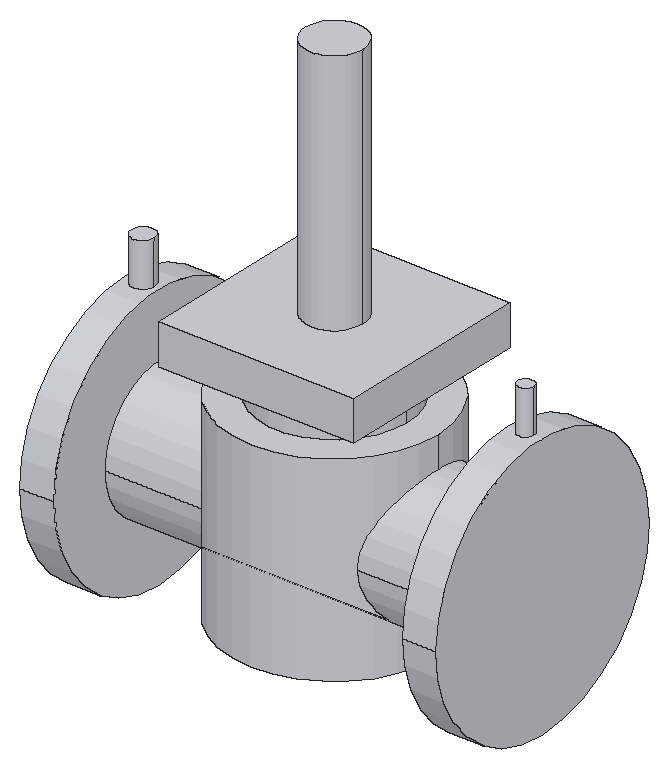
Revit family "OPTIMA_Compact_FLANGE_PN25_DN065-HF_RFA_2019", category Pipe Accessories, Revit 2019
Family settings
  Round Connector Dimension = Use Diameter
  Part Type = Valve - Breaks Into
  Work Plane-Based = No
  Always vertical = Yes
  Cut with Voids When Loaded = No
  Shared = No
Parameters (values of type "Optima Compact Flange PN25 DN065 HF")
  magiProductId = "Frese Optima Flange DN065 HF"
  magiProductFamilyId = "Frese Optima Flange *"
  magiPartTypeId = 304
  isMeasuringValve [instance] = no
  ang2D [instance] = 0.00°
  W2D = 50 mm
  VersionID = "2.0/2018.8.28.1/FRESE_OPTIMA_FLANGE_Q13_002"
  Use Minimum Symbol Size [instance] = yes
  URL = "www.hydronic.cz"
  Type Comments = "Přírubový; PN25; 0~120°C, s měřením"
  R4 = 50.75 mm
  R3 = 48.1 mm
  R1 = 72.5 mm
  QmdConnectorList = "301;D;302;D"
  Productdata [instance] = ""
  Manufacturer = "Hydronic Systems Prague s.r.o."
  MC Product Code = "53-1231 (DN65 HF; 20mm; pohon min 1000N; Qmin-dpmin 6000l/h-30.0kPa; Qmax-dpmin 35000l/h-55.0kPa; dpmax 800kPa)"
  MC Piping Given Pressure Drop [instance] = 0.0 Pa
  LF__ve = -LF  # -23.2 mm
  LF2 = 11.6 mm
  LF = 23.2 mm
  L4 = 136.3 mm
  L3 = 243.6 mm
  L2D_Min = 3048 mm
  L2D = 230 mm
  L2 = 145 mm
  H6 = 171.25 mm
  H4 = 27.75 mm
  H3 = 23.125 mm
  H2 = 69.375 mm
  H1 = 138.75 mm
  Description = "Tlakově nezávislý 2-cestný regulační vyvažovací ventil (PICV)"
  DF2 = 92.5 mm
  D = 65 mm
  CAT0 = yes
Types (14, lengths in mm): name | magiProductId | magiProductFamilyId | W2D | Type Comments | R4 | R3 | R1 | MC Product Code | LF__ve | LF2 | LF | L4 | L3 | L2D | L2 | H6 | H4 | H3 | H2 | H1 | DF2 | D
  Optima Compact Flange PN25 DN050 LF | "Frese Optima Flange DN050 LF" | "Frese Optima Flange *" | 50 | "Přírubový; PN25; 0~120°C, s měřením" | 40.3 | 42.9 | 57.5 | "53-1220 (DN50 LF; 20mm; pohon min 1000N; Qmin-dpmin 2500l/h-6.5kPa; Qmax-dpmin 15000l/h-20.0kPa; dpmax 800kPa)" | -18.4 | 9.2 | 18.4 | 108.1 | 193.2 | 230 | 115 | 157.3 | 24.8 | 20.6 | 61.9 | 123.8 | 82.5 | 50
  Optima Compact Flange PN25 DN050 HF | "Frese Optima Flange DN050 HF" | "Frese Optima Flange *" | 50 | "Přírubový; PN25; 0~120°C, s měřením" | 40.25 | 42.9 | 57.5 | "53-1230 (DN50 HF; 20mm; pohon min 1000N; Qmin-dpmin 3900l/h-19.0kPa; Qmax-dpmin 24000l/h-50.0kPa; dpmax 800kPa)" | -18.4 | 9.2 | 18.4 | 108.1 | 193.2 | 230 | 115 | 157.25 | 24.75 | 20.625 | 61.875 | 123.75 | 82.5 | 50
  Optima Compact Flange PN25 DN065 LF | "Frese Optima Flange DN065 LF" | "Frese Optima Flange *" | 50 | "Přírubový; PN25; 0~120°C, s měřením" | 50.75 | 48.1 | 72.5 | "53-1221 (DN65 LF; 20mm; pohon min 1000N; Qmin-dpmin 4400l/h-15.0kPa; Qmax-dpmin 25000l/h-25.0kPa; dpmax 800kPa)" | -23.2 | 11.6 | 23.2 | 136.3 | 243.6 | 230 | 145 | 171.25 | 27.75 | 23.125 | 69.375 | 138.75 | 92.5 | 65
  Optima Compact Flange PN25 DN065 HF | "Frese Optima Flange DN065 HF" | "Frese Optima Flange *" | 50 | "Přírubový; PN25; 0~120°C, s měřením" | 50.75 | 48.1 | 72.5 | "53-1231 (DN65 HF; 20mm; pohon min 1000N; Qmin-dpmin 6000l/h-30.0kPa; Qmax-dpmin 35000l/h-55.0kPa; dpmax 800kPa)" | -23.2 | 11.6 | 23.2 | 136.3 | 243.6 | 230 | 145 | 171.25 | 27.75 | 23.125 | 69.375 | 138.75 | 92.5 | 65
  Optima Compact Flange PN25 DN080 LF | "Frese Optima Flange DN080 LF" | "Frese Optima Flange *" | 50 | "Přírubový; PN25; 0~120°C, s měřením" | 54.25 | 52 | 77.5 | "53-1222 (DN80 LF; 20mm; pohon min 1000N; Qmin-dpmin 5300l/h-16.0kPa; Qmax-dpmin 34000l/h-25.0kPa; dpmax 800kPa)" | -24.8 | 12.4 | 24.8 | 145.7 | 260.4 | 230 | 155 | 183 | 30 | 25 | 75 | 150 | 100 | 80
  Optima Compact Flange PN25 DN080 HF | "Frese Optima Flange DN080 HF" | "Frese Optima Flange *" | 50 | "Přírubový; PN25; 0~120°C, s měřením" | 54.25 | 52 | 77.5 | "53-1232 (DN80 HF; 20mm; pohon min 1000N; Qmin-dpmin 7000l/h-23.0kPa; Qmax-dpmin 43000l/h-50.0kPa; dpmax 800kPa)" | -24.8 | 12.4 | 24.8 | 145.7 | 260.4 | 230 | 155 | 183 | 30 | 25 | 75 | 150 | 100 | 80
  Optima Compact Flange PN25 DN100 LF | "Frese Optima Flange DN100 LF" | "Frese Optima Flange *" | 50 | "Přírubový; PN25; 0~120°C, s měřením" | 61.25 | 61.1 | 87.5 | "53-1223 (DN100 LF; 40mm; pohon min 1000N; Qmin-dpmin 12100l/h-20.0kPa; Qmax-dpmin 68000l/h-35.0kPa; dpmax 800kPa)" | -28 | 14 | 28 | 164.5 | 294 | 230 | 175 | 268.75 | 35.25 | 29.375 | 88.125 | 176.25 | 117.5 | 100
  Optima Compact Flange PN25 DN100 HF | "Frese Optima Flange DN100 HF" | "Frese Optima Flange *" | 50 | "Přírubový; PN25; 0~120°C, s měřením" | 61.25 | 61.1 | 87.5 | "53-1233 (DN100 HF; 40mm; pohon min 1000N; Qmin-dpmin 14800l/h-30.0kPa; Qmax-dpmin 90000l/h-75.0kPa; dpmax 800kPa)" | -28 | 14 | 28 | 164.5 | 294 | 230 | 175 | 268.75 | 35.25 | 29.375 | 88.125 | 176.25 | 117.5 | 100
  Optima Compact Flange PN25 DN125 LF | "Frese Optima Flange DN125 LF" | "Frese Optima Flange *" | 50 | "Přírubový; PN25; 0~120°C, s měřením" | 70 | 70.2 | 100 | "53-1224 (DN125 LF; 40mm; pohon min 1000N; Qmin-dpmin 18500l/h-16.0kPa; Qmax-dpmin 110000l/h-35.0kPa; dpmax 800kPa)" | -32 | 16 | 32 | 188 | 336 | 230 | 200 | 275.5 | 40.5 | 33.75 | 101.25 | 202.5 | 135 | 125
  Optima Compact Flange PN25 DN125 HF | "Frese Optima Flange DN125 HF" | "Frese Optima Flange *" | 50 | "Přírubový; PN25; 0~120°C, s měřením" | 70 | 70.2 | 100 | "53-1234 (DN125 HF; 40mm; pohon min 1000N; Qmin-dpmin 23000l/h-27.0kPa; Qmax-dpmin 135000l/h-53.0kPa; dpmax 800kPa)" | -32 | 16 | 32 | 188 | 336 | 230 | 200 | 275.5 | 40.5 | 33.75 | 101.25 | 202.5 | 135 | 125
  Optima Compact Flange PN25 DN150 LF | "Frese Optima Flange DN150 LF" | "Frese Optima Flange *" | 50 | "Přírubový; PN25; 0~110°C, s měřením" | 84 | 74.1 | 120 | "53-1225 (DN150 LF; 43mm; pohon min 1500N; Qmin-dpmin 25600l/h-21.0kPa; Qmax-dpmin 148000l/h-35.0kPa; dpmax 800kPa)" | -38.4 | 19.2 | 38.4 | 225.6 | 403.2 | 230 | 240 | 279.25 | 42.75 | 35.625 | 106.875 | 213.75 | 142.5 | 150
  Optima Compact Flange PN25 DN150 HF | "Frese Optima Flange DN150 HF" | "Frese Optima Flange *" | 50 | "Přírubový; PN25; 0~110°C, s měřením" | 84 | 74.1 | 120 | "53-1235 (DN150 HF; 43mm; pohon min 1500N; Qmin-dpmin 32000l/h-33.0kPa; Qmax-dpmin 195000l/h-65.0kPa; dpmax 800kPa)" | -38.4 | 19.2 | 38.4 | 225.6 | 403.2 | 230 | 240 | 279.25 | 42.75 | 35.625 | 106.875 | 213.75 | 142.5 | 150
  Optima Compact Flange PN25 DN200 LF | "" | "" | 100 | "Přírubový; PN25; 0~110°C, s měřením" | 164.5 | 98.8 | 235 | "53-1226 (DN200 LF; 43mm; pohon min 1500N; Qmin-dpmin 95000l/h-11.0kPa; Qmax-dpmin 210000l/h-32.0kPa; dpmax 800kPa)" | -48 | 24 | 48 | 282 | 504 | 350 | 300 | 281 | 57 | 15 | 209 | 380 | 190 | 200
  Optima Compact Flange PN25 DN200 HF | "" | "" | 100 | "Přírubový; PN25; 0~110°C, s měřením" | 164.5 | 98.8 | 235 | "53-1236 (DN200 HF; 43mm; pohon min 1500N; Qmin-dpmin 130000l/h-31.0kPa; Qmax-dpmin 280000l/h-78.0kPa; dpmax 800kPa)" | -48 | 24 | 48 | 282 | 504 | 350 | 300 | 281 | 57 | 15 | 209 | 380 | 190 | 200
Reference planes
  plane 1 "Center (Front/Back)": y = 0
  plane 2 "XYPLANE": z = 0
  plane 3 "Center (Left/Right)": x = 0
  plane 4 "157": x = 133.4
  plane 5 "156": x = -133.4
  plane 6 "155": z = 92.5
  plane 7 "154": z = 120.25
  plane 8 "153": z = 92.5
  plane 9 "152": z = 69.375
  plane 10 "151": x = -121.8
  plane 11 "150": z = -69.375
  plane 12 "149": x = 0
  plane 13 "148": y = 0
  plane 14 "147": z = 0
  plane 15 "146": x = -145
  plane 16 "145": x = 145
Forms (mm)
  Extrusion 1, solid, visible <- "CAT0"
    sketch origin (-750, 0, 92.5) x (1, 0, 0) y (0, 1, 0)
      loop
        circle (883.4, 0) r 5.5
    from 0 to 30
  Extrusion 2, solid, visible <- "CAT0"
    sketch origin (-750, 0, 92.5) x (1, 0, 0) y (0, 1, 0)
      loop
        circle (616.6, 0) r 7.9
    from 0 to 30
  Extrusion 3, solid, visible <- "CAT0"
    sketch origin (-750, 0, 120.25) x (1, 0, 0) y (0, 1, 0)
      loop
        circle (750, 0) r 20
    from 0 to 171.25 <- "H6"
  Extrusion 4, solid, visible <- "CAT0"
    sketch origin (-750, 0, 92.5) x (1, 0, 0) y (0, 1, 0)
      loop
        line (818.15, 68.15) -> (681.85, 68.15) -> (681.85, -68.15) -> (818.15, -68.15) -> (818.15, 68.15)
    from 0 to 27.75 <- "H4"
  Extrusion 5, solid, visible <- "CAT0"
    sketch origin (-750, 0, 69.375) x (1, 0, 0) y (0, 1, 0)
      loop
        circle (750, 0) r 50.75
    from 0 to 23.125 <- "H3"
  Extrusion 6, solid, visible <- "CAT0"
    sketch origin (-121.8, -750, 0) x (0, 1, 0) y (0, 0, 1)
      loop
        circle (750, 0) r 48.1
    from 0 to 243.6 <- "L3"
  Extrusion 7, solid, visible <- "CAT0"
    sketch origin (-750, 0, -69.375) x (1, 0, 0) y (0, 1, 0)
      loop
        circle (750, 0) r 72.5
    from 0 to 138.75 <- "H1"
  Extrusion 8, solid, visible <- "CAT0"
    sketch origin (-145, -750, 0) x (0, 1, 0) y (0, 0, 1)
      loop
        circle (750, 0) r 92.5
    from 0 to 23.2 <- "LF"
  Extrusion 9, solid, visible <- "CAT0"
    sketch origin (145, -750, 0) x (0, 1, 0) y (0, 0, 1)
      loop
        circle (750, 0) r 92.5
    from 0 to -23.2 <- "LF__ve"
  Extrusion 10, solid, not visible
    sketch origin (-145, -750, 0) x (0, 1, 0) y (0, 0, 1)
      loop
        circle (750, 0) r 10
    from 0 to 10
  Extrusion 11, solid, not visible
    sketch origin (145, -750, 0) x (0, 1, 0) y (0, 0, 1)
      loop
        circle (750, 0) r 10
    from 0 to -10
Lines and regions (mm)
  reference lines, not visible
    curve 1: circle (2, 2, 0) r 1 normal (0, 0, 1)
  reference lines
    curve 2: circle (0, 0, 92.5) r 1 normal (0, 0, 1)
Dimensions and locks
  plane 1 "Center (Front/Back)" to curve 1 = 2 mm
  "LF2": plane 16 "145" to plane 4 "157"
  "LF2": plane 15 "146" to plane 5 "156"
  "DF2": plane 2 "XYPLANE" to plane 6 "155"
  "H4": plane 8 "153" to plane 7 "154"
  "H3": plane 9 "152" to plane 8 "153"
  "H1": plane 11 "150" to plane 9 "152"
  "LF": plane 15 "146" to plane 10 "151"
  "H2": plane 2 "XYPLANE" to plane 11 "150"
  locked: plane 3 "Center (Left/Right)" to plane 12 "149"
  locked: plane 1 "Center (Front/Back)" to plane 13 "148"
  locked: plane 2 "XYPLANE" to plane 14 "147"
  "L2": plane 3 "Center (Left/Right)" to plane 15 "146"
  "L2": plane 3 "Center (Left/Right)" to plane 16 "145"
  equal spacing: Extrusion 4 sketch curve, curve 2, Extrusion 4 sketch curve  (x2)
  "L4": Extrusion 4 sketch curve to Extrusion 4 sketch curve  (x2)
  Extrusion 4 sketch curve to Extrusion 4 sketch curve = 0 mm  (x8)
  "R4": radius of Extrusion 5 sketch curve
  "R3": radius of Extrusion 6 sketch curve
  "R1": radius of Extrusion 7 sketch curve
  "DF2": radius of Extrusion 8 sketch curve
  "DF2": radius of Extrusion 9 sketch curve
  aligned and locked: level to plane 2 "XYPLANE"
  aligned and locked: plane 4 "157" to Extrusion 1 sketch curve
  aligned and locked: plane 13 "148" to Extrusion 1 sketch curve
  aligned and locked: plane 5 "156" to Extrusion 2 sketch curve
  aligned and locked: plane 13 "148" to Extrusion 2 sketch curve
  aligned and locked: plane 12 "149" to Extrusion 3 sketch curve
  aligned and locked: plane 13 "148" to Extrusion 3 sketch curve
  aligned and locked: plane 12 "149" to curve 2
  aligned and locked: plane 13 "148" to curve 2
  aligned and locked: plane 12 "149" to Extrusion 5 sketch curve
  aligned and locked: plane 13 "148" to Extrusion 5 sketch curve
  aligned and locked: Extrusion 6 sketch curve to plane 13 "148"
  aligned and locked: plane 14 "147" to Extrusion 6 sketch curve
  aligned and locked: plane 12 "149" to Extrusion 7 sketch curve
  aligned and locked: plane 13 "148" to Extrusion 7 sketch curve
  aligned and locked: Extrusion 8 sketch curve to plane 13 "148"
  aligned and locked: plane 14 "147" to Extrusion 8 sketch curve
  aligned and locked: Extrusion 9 sketch curve to plane 13 "148"
  aligned and locked: plane 14 "147" to Extrusion 9 sketch curve
  aligned and locked: Extrusion 10 sketch curve to plane 13 "148"
  aligned and locked: plane 14 "147" to Extrusion 10 sketch curve
  aligned and locked: Extrusion 11 sketch curve to plane 13 "148"
  aligned and locked: plane 14 "147" to Extrusion 11 sketch curve
Automatic sketch dimensions
  Extrusion 1 sketch curve to plane 4 "157" = 5.5 mm
  plane 15 "146" to Extrusion 2 sketch curve = 3.7 mm
  Extrusion 3 sketch curve to plane 3 "Center (Left/Right)" = 20 mm
  plane 1 "Center (Front/Back)" to Extrusion 10 sketch curve = 10 mm
  plane 1 "Center (Front/Back)" to Extrusion 11 sketch curve = 10 mm
  plane 3 "Center (Left/Right)" to curve 1 = 2 mm
  plane 10 "151" to Extrusion 4 sketch curve = 53.65 mm
  plane 1 "Center (Front/Back)" to Extrusion 4 sketch curve = 68.15 mm
  radius of curve 2 = 1 mm
  radius of curve 1 = 1 mm
Connectors
  piping at (-145, 0, 0), diameter 65, driven by "D"
    settings: on Extrusion 10, index 1, connector inside diameter 609.6 mm, connector length 0 mm, flow factor 0, pipe flow 0.0 L/s, pressure drop 0.0 Pa, fitting loss kfactor 0, connector angle 0.00°, fixture units 0, engagement length 0 mm, angle of deflection 0.00°, flow configuration 0, flow direction 0, fitting loss method 0, system type 29, joint type 0, gender type 0, connector reference index 2, connector utility 0, adjustable connector no, is connector primary yes, connector description ""
  piping at (145, 0, 0), diameter 65, driven by "D"
    settings: on Extrusion 11, index 2, connector inside diameter 609.6 mm, connector length 0 mm, flow factor 0, pipe flow 0.0 L/s, pressure drop 0.0 Pa, fitting loss kfactor 0, connector angle 0.00°, fixture units 0, engagement length 0 mm, angle of deflection 0.00°, flow configuration 0, flow direction 0, fitting loss method 0, system type 29, joint type 0, gender type 0, connector reference index 1, connector utility 0, adjustable connector no, is connector primary no, connector description ""
